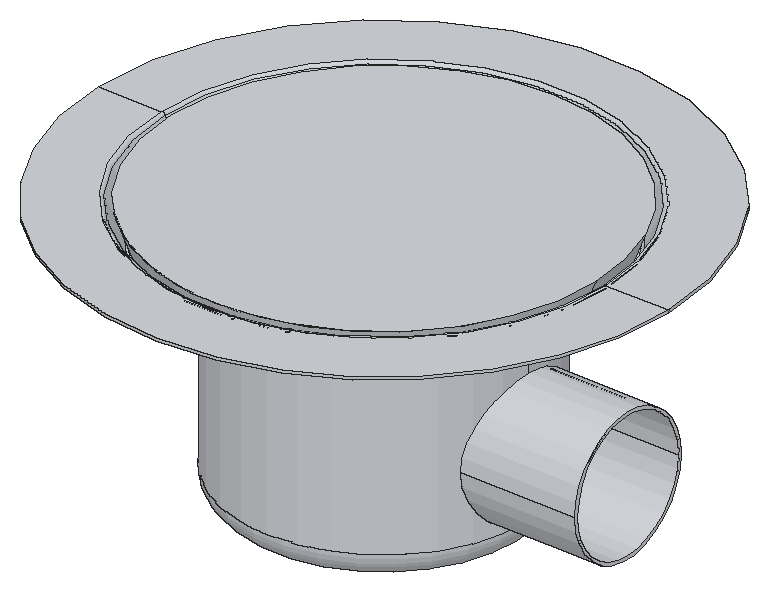
Revit family "S-598_Horizontal", category Plumbing Fixtures, Revit 2015
Parameters (values of type "S-598_Horizontal_ABS White")
  WFU = 1
  URL = "http://www.jimten.com/en/producto/330/sumidero-para-suelo-vinilico-salida-horizontal"
  Total Minimum Height = "100 mm"  # constant formula
  Size = "Ø160 mm"  # constant formula
  Reference = "12450"  # constant formula
  Outlet = "50M"  # constant formula
  Model = "S-598"  # constant formula
  Material = ABS (White)
  Manufacturer = "Jimten"  # constant formula
  Hidraulic seal = "50 mm"  # constant formula
  Grid = ABS (White)
  Flowrate = 0.9 L/s  # constant formula
  Diameter = 50 mm  # constant formula
  Description = "VINYL FLOOR GULLY, REMOVABLE TRAP, WITH HAIR FILTER, HORIZONTAL OUTLET, WITH ROUND COVER, VANDAL SAFE, PLASTIC"  # constant formula
  Type Comments = "WITH PRESSING RING FOR VINYL WATERPROOFING MEMBRANES. WITH PROTECTION COVER "  # constant formula
  Clase carga = "K3"  # constant formula
Reference planes
  plane 1 "Center (Front/Back)": y = 0
  plane 2: z = 0
  plane 3 "Center (Left/Right)": x = 0
Dimensions and locks
  aligned and locked: level to plane 2
Nested families
  nested 1: "S-598-OutletHorizontal" at (0, 0, 0), type "S-598-OutletHorizontal"
  nested 2: "S-598-Grid" at (0, 0, 0), type "S-598-Grid"
Connectors
  piping at (92.509, 0, -65), diameter 50, driven by "Diameter", driven by "WFU", driven by "Flowrate"
    settings: on nested 1, index 1, connector inside diameter 609.6 mm, connector length 0 mm, flow factor 0, pipe flow 0.9 L/s, pressure drop 0.0 Pa, fitting loss kfactor 0, connector angle 0.00°, fixture units 1, engagement length 0 mm, angle of deflection 0.00°, flow configuration 0, flow direction 2, fitting loss method 0, system type 16, joint type 0, gender type 0, connector reference index -1, connector utility 0, adjustable connector yes, is connector primary yes, connector description ""
Definition of nested family "S-598-OutletHorizontal"
  Parameters (values of type "S-599-OutletHorizontal")
    MaterialOutlet = none
  Reference planes
    plane 1 "Center (Front/Back)": y = 0
    plane 2: z = 0
    plane 3 "Center (Left/Right)": x = 0
    plane 4: z = -100
    plane 5: z = -113
    plane 6: x = -25
    plane 7: x = 25
    plane 8: z = -65
    plane 9: x = 92.509
  Forms (mm)
    Revolve 1, solid
      sketch origin (0, 0, 0) x (1, 0, 0) y (0, 0, 1)
        loop
          arc (55, -16.606) -> (55.293, -15.899) -> (56, -15.606) r 1
          line (56, -15.606) -> (76.629, -15.606)
          arc (76.629, -15.606) -> (77.434, -15.366) -> (77.976, -14.724) r 1.469
          line (77.976, -14.724) -> (83.69, -1.601)
          arc (83.69, -1.601) -> (84.059, -1.164) -> (84.607, -1) r 1
          line (84.607, -1) -> (108, -1) -> (108, 0) -> (84.31, 0)
          arc (84.31, 0) -> (83.489, -0.245) -> (82.936, -0.899) r 1.5
          line (82.936, -0.899) -> (77.198, -14.007)
          arc (77.198, -14.007) -> (76.829, -14.443) -> (76.282, -14.606) r 1
          line (76.282, -14.606) -> (56, -14.606)
          arc (56, -14.606) -> (54.586, -15.192) -> (54, -16.606) r 2
          line (54, -16.606) -> (54, -90)
          arc (54, -90) -> (51.364, -96.364) -> (45, -99) r 9
          line (45, -99) -> (0, -99) -> (0, -100) -> (45, -100)
          arc (45, -100) -> (52.071, -97.071) -> (55, -90) r 10
          line (55, -90) -> (55, -16.606)
        axis (0, 0) -> (0, -100)
      angle from 0 to 360
    Revolve 2, solid
      sketch origin (-6.158, -0.419, 0) x (1, 0, 0) y (0, 0, 1)
        loop
          line (75.98, -18) -> (75.98, -10.167) -> (73.872, -15.009)
          arc (73.872, -15.009) -> (73.503, -15.446) -> (72.955, -15.609) r 1
          line (72.955, -15.609) -> (61.5, -15.609)
          arc (61.5, -15.609) -> (60.793, -15.902) -> (60.5, -16.609) r 1
          line (60.5, -16.609) -> (60.5, -28) -> (65.98, -28)
          arc (65.98, -28) -> (73.051, -25.071) -> (75.98, -18) r 10
        axis (0, -10.167) -> (0, -28)
      angle from 0 to 7
    Revolve 3, solid
      sketch origin (0.419, -6.158, 0) x (0, 1, 0) y (0, 0, 1)
        loop
          line (75.98, -18) -> (75.98, -10.167) -> (73.872, -15.009)
          arc (73.872, -15.009) -> (73.503, -15.446) -> (72.955, -15.609) r 1
          line (72.955, -15.609) -> (61.5, -15.609)
          arc (61.5, -15.609) -> (60.793, -15.902) -> (60.5, -16.609) r 1
          line (60.5, -16.609) -> (60.5, -28) -> (65.98, -28)
          arc (65.98, -28) -> (73.051, -25.071) -> (75.98, -18) r 10
        axis (0, -10.167) -> (0, -28)
      angle from 0 to 7
    Revolve 4, solid
      sketch origin (6.158, 0.419, 0) x (-1, 0, 0) y (0, 0, 1)
        loop
          line (75.98, -18) -> (75.98, -10.167) -> (73.872, -15.009)
          arc (73.872, -15.009) -> (73.503, -15.446) -> (72.955, -15.609) r 1
          line (72.955, -15.609) -> (61.5, -15.609)
          arc (61.5, -15.609) -> (60.793, -15.902) -> (60.5, -16.609) r 1
          line (60.5, -16.609) -> (60.5, -28) -> (65.98, -28)
          arc (65.98, -28) -> (73.051, -25.071) -> (75.98, -18) r 10
        axis (0, -10.167) -> (0, -28)
      angle from 0 to 7
    Revolve 5, solid
      sketch origin (-0.419, 6.158, 0) x (0, -1, 0) y (0, 0, 1)
        loop
          line (75.98, -18) -> (75.98, -10.167) -> (73.872, -15.009)
          arc (73.872, -15.009) -> (73.503, -15.446) -> (72.955, -15.609) r 1
          line (72.955, -15.609) -> (61.5, -15.609)
          arc (61.5, -15.609) -> (60.793, -15.902) -> (60.5, -16.609) r 1
          line (60.5, -16.609) -> (60.5, -28) -> (65.98, -28)
          arc (65.98, -28) -> (73.051, -25.071) -> (75.98, -18) r 10
        axis (0, -10.167) -> (0, -28)
      angle from 0 to 7
    Extrusion 6, solid
      sketch origin (0, 0, 0) x (0, 1, 0) y (0, 0, 1)
        loop
          circle (0, -65) r 25
        loop
          circle (0, -65) r 24
      from 45.851 to 92.509
  Cuts and joins
    joined: Revolve 1, Extrusion 6
  Dimensions and locks
    level to plane 4 = 100 mm
    plane 7 to plane 6 = 50 mm
    plane 8 to plane 4 = 35 mm  (x2)
    diameter of Extrusion 6 sketch curve = 50 mm
    aligned and locked: level to plane 2
    aligned and locked: plane 8 to Extrusion 6 sketch curve  (x2)
    aligned and locked: plane 9 to Extrusion 6
Definition of nested family "S-598-Grid"
  Parameters (values of type "S-598-Rejilla")
    Materia_Rejilla = none
  Reference planes
    plane 1 "Center (Front/Back)": y = 0
    plane 2: z = 0
    plane 3 "Center (Left/Right)": x = 0
    plane 4: z = -15
    plane 5 "DetalleRejilla": z = 1
  Forms (mm)
    Blend 1, solid
      base sketch origin (-125.198, -1524, -15) x (-1, 0, 0) y (0, -1, 0)
        loop
          circle (-125.198, -1524) r 75
      top sketch origin (-125.198, -1524, -15) x (-1, 0, 0) y (0, -1, 0)
        loop
          circle (-125.198, -1524) r 80.5
      from 0 to 15
  Lines and regions (mm)
    model lines, detail levels medium+fine
      curve 1: arc (-73.5, -14.925, 1) -> (0.019, -75, 1) -> (73.508, -14.888, 1) r 75
      curve 2: arc (73.508, 14.888, 1) -> (0.019, 75, 1) -> (-73.5, 14.925, 1) r 75
      curve 3: arc (73.508, 14.888, 1) -> (64.052, 0, 1) -> (73.508, -14.888, 1) r 16.448
      curve 4: arc (-73.5, -14.925, 1) -> (-64.015, 0, 1) -> (-73.5, 14.925, 1) r 16.485
      curve 5: circle (0, 0, 1) r 80.5 normal (0, 0, 1)
  Dimensions and locks
    plane 4 to plane 2 = 15 mm
    plane 5 "DetalleRejilla" to plane 2 = 1 mm
    aligned and locked: level to plane 2
    aligned and locked: level to Blend 1
